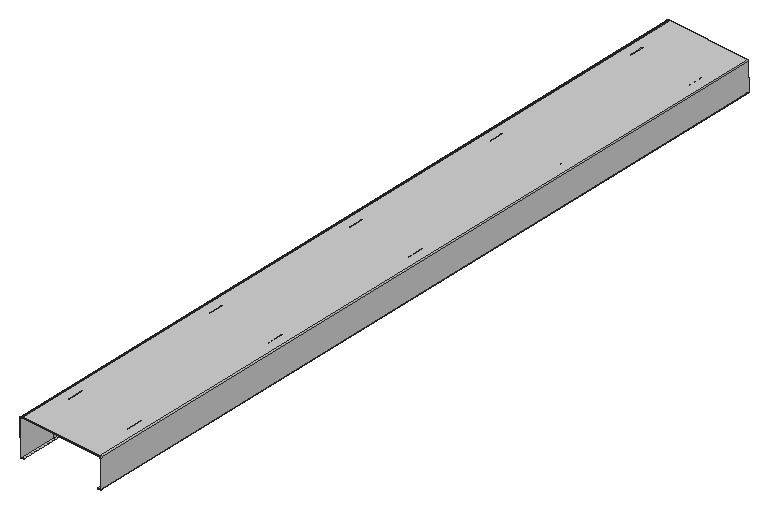
Revit family "20210728 AT150", category 一般モデル, Revit 2020
Family settings
  鉄筋をホスト可能 = いいえ
  丸型コネクタ寸法 = 直径を使用
  パーツ タイプ = 標準
  作業面ベース = いいえ
  常に垂直 = はい
  ロード時にボイドで切り取り = いいえ
  共有 = いいえ
  部屋計算ポイント = いいえ
Parameters (values of type "20210713 笠木150幅")
  色 = アルミ シルバー 陽極酸化塗装複合皮膜
  笠木長さ [instance] = 1500.00 mm
  既定の高さ = 0.00 mm
  定尺笠木長さ = 4000.00 mm
  固定金具数 [instance] = 5
  判定 [instance] = if(笠木長さ > 4000.00 mm, 定尺笠木長さ, 笠木長さ)  # 1500.00 mm
Types (2, lengths in mm): name | 笠木長さ | 固定金具数 | 判定
  20210713 笠木150幅 | 1500.00 | 5 | 1500.00
  笠木150幅 4000 | 4000.00 | 11 | 4000.00
Reference planes
  plane 1 "中心(正面/背面)": y = 0
  plane 2: z = 0
  plane 3 "中心(左/右)": x = 0
  plane 4: x = -75
  plane 5: x = 75
  plane 6: y = -100
  plane 7: y = -1500
  plane 8: y = -1400
Forms (mm)
  Extrusion 1, solid, material "アルミ シルバー 陽極酸化塗装複合皮膜" <- "色"
    sketch origin (-477.135, 0, -495.565) x (1, 0, 0) y (0, 0, 1)
      loop
        line (402.135, 520.455) -> (402.135, 453.165)
        arc (402.135, 453.165) -> (402.284, 452.809) -> (402.642, 452.665) r 0.5
        line (402.642, 452.665) -> (407.736, 452.665) -> (407.736, 454.165) -> (403.635, 454.165) -> (403.635, 518.998)
        arc (403.635, 518.998) -> (404.299, 520.487) -> (405.85, 520.987) r 2
        line (405.85, 520.987) -> (548.835, 506.689)
        arc (548.835, 506.689) -> (550.118, 506.04) -> (550.635, 504.698) r 2
        line (550.635, 504.698) -> (550.635, 454.165) -> (546.535, 454.165) -> (546.535, 452.665) -> (551.629, 452.665)
        arc (551.629, 452.665) -> (551.987, 452.809) -> (552.135, 453.165) r 0.5
        line (552.135, 453.165) -> (552.135, 505.855)
        arc (552.135, 505.855) -> (551.624, 507.191) -> (550.35, 507.843) r 2
        line (550.35, 507.843) -> (404.35, 522.443)
        arc (404.35, 522.443) -> (402.799, 521.943) -> (402.135, 520.455) r 2
    from 0 to 1500
Lines and regions (mm)
  reference lines
    curve 1: line (0.299, 0, 67.474) -> (0.291, 0, 66.169)
Dimensions and locks
  plane 5 to plane 3 "中心(左/右)" to plane 4 = 75.00 mm, 75.00 mm
  plane 5 to plane 4 = 150.00 mm
  "笠木長さ": plane 7 to plane 1 "中心(正面/背面)"
  locked: plane 6 to plane 1 "中心(正面/背面)" at 100
  locked: plane 8 to plane 7 at 100
  equal spacing: group 1, group 3, group 4, group 5, group 2  (x2)
  equal spacing: group 2, group 5, group 4, group 3, group 1
  "判定": plane 7 to plane 1 "中心(正面/背面)"
  aligned and locked: level to plane 2
  aligned and locked: Extrusion 1 to nested 1
  aligned and locked: plane 5 to Extrusion 1
  aligned and locked: Extrusion 1 to plane 4
  aligned and locked: Extrusion 1 to plane 7
  aligned and locked: nested 1 to plane 6
  aligned and locked: nested 2 to plane 8
Automatic sketch dimensions
  Extrusion 1 sketch curve to plane 4 = 0.00 mm
  Extrusion 1 sketch curve to plane 5 = 0.00 mm
  plane 4 to Extrusion 1 sketch curve = 0.50 mm
  Extrusion 1 sketch curve to Extrusion 1 sketch curve = 0.007 mm  (x2)
  Extrusion 1 sketch curve to Extrusion 1 sketch curve = 1.00 mm
  Extrusion 1 sketch curve to Extrusion 1 sketch curve = 0.50 mm  (x3)
  Extrusion 1 sketch curve to Extrusion 1 sketch curve = 0.215 mm
  Extrusion 1 sketch curve to Extrusion 1 sketch curve = 2.00 mm
  Extrusion 1 sketch curve to Extrusion 1 sketch curve = 1.714 mm
  Extrusion 1 sketch curve to Extrusion 1 sketch curve = 4.10 mm
  Extrusion 1 sketch curve to plane 5 = 5.60 mm
  Extrusion 1 sketch curve to plane 5 = 3.50 mm
  Extrusion 1 sketch curve to Extrusion 1 sketch curve = 1.50 mm  (x3)
  Extrusion 1 sketch curve to plane 5 = 1.785 mm
  Extrusion 1 sketch curve to plane 5 = 1.50 mm
  Extrusion 1 sketch curve to plane 5 = 0.507 mm
  Extrusion 1 sketch curve to level = 42.90 mm  (x2)
  level to Extrusion 1 sketch curve = 9.134 mm
  Extrusion 1 sketch curve to Extrusion 1 sketch curve = 1.157 mm
  Extrusion 1 sketch curve to Extrusion 1 sketch curve = 1.988 mm  (x2)
  level to Extrusion 1 sketch curve = 23.434 mm
  Extrusion 1 sketch curve to Extrusion 1 sketch curve = 1.457 mm
  Extrusion 1 sketch curve to Extrusion 1 sketch curve = 0.532 mm
  Extrusion 1 sketch curve to Extrusion 1 sketch curve = 1.301 mm
  Extrusion 1 sketch curve to Extrusion 1 sketch curve = 0.00 mm  (x11)
  plane 3 "中心(左/右)" to curve 1 = 0.291 mm
  level to curve 1 = 66.169 mm
  plane 3 "中心(左/右)" to curve 1 = 0.299 mm
  curve 1 to curve 1 = 1.306 mm
Nested families
  nested 1: "固定金具 150幅" at (0, -75, 0), type "固定金具 150幅"
  nested 2: "固定金具 150幅" at (0, -1375, 0), type "固定金具 150幅"
  nested 3: "固定金具 150幅" at (0, -400, 0), type "固定金具 150幅"
  nested 4: "固定金具 150幅" at (0, -725, 0), type "固定金具 150幅"
  nested 5: "固定金具 150幅" at (0, -1050, 0), type "固定金具 150幅"
Definition of nested family "固定金具 150幅"
  Parameters
    Default Elevation = 0.00 mm
  Reference planes
    plane 1 "中心(正面/背面)": y = 0
    plane 2: z = 0
    plane 3 "中心(左/右)": x = 0
    plane 4: y = -50
  Forms (mm)
    Extrusion 1, solid
      sketch origin (-413.446, 0, -486.467) x (1, 0, 0) y (0, 0, 1)
        loop
          arc (350.525, 501.803) -> (352.056, 504.347) -> (354.918, 505.135) r 4
          line (354.918, 505.135) -> (368.733, 503.497)
          arc (368.733, 503.497) -> (370.314, 502.677) -> (370.948, 501.013) r 2.5
          line (370.948, 501.013) -> (370.948, 486.467) -> (461.848, 486.467) -> (461.848, 491.994)
          arc (461.848, 491.994) -> (462.67, 493.847) -> (464.595, 494.482) r 2.5
          line (464.595, 494.482) -> (474.737, 493.476)
          arc (474.737, 493.476) -> (477.067, 492.424) -> (478.284, 490.177) r 4
          line (478.284, 490.177) -> (485.448, 447.662) -> (485.448, 445.067) -> (487.444, 445.067) -> (487.444, 452.09) -> (480.448, 496.327) -> (458.947, 498.459) -> (458.448, 496.43) -> (458.448, 492.247)
          arc (458.448, 492.247) -> (457.849, 490.82) -> (456.412, 490.247) r 2
          line (456.412, 490.247) -> (378.515, 490.397)
          arc (378.515, 490.397) -> (375.643, 491.545) -> (374.439, 494.397) r 4
          line (374.439, 494.397) -> (374.439, 502.503) -> (373.448, 506.463) -> (348.448, 509.427) -> (339.448, 450.066) -> (339.448, 445.067) -> (341.452, 445.067) -> (341.452, 446.091) -> (350.525, 501.803)
      from 0 to 50
    Extrusion 2, solid, not visible
      sketch origin (-313.825, 0, 0) x (1, 0, 0) y (0, 0, 1)
        loop
          arc (350.525, 501.803) -> (352.056, 504.347) -> (354.918, 505.135) r 4
          line (354.918, 505.135) -> (368.733, 503.497)
          arc (368.733, 503.497) -> (370.314, 502.677) -> (370.948, 501.013) r 2.5
          line (370.948, 501.013) -> (370.948, 486.467) -> (461.848, 486.467) -> (461.848, 491.994)
          arc (461.848, 491.994) -> (462.67, 493.847) -> (464.595, 494.482) r 2.5
          line (464.595, 494.482) -> (474.737, 493.476)
          arc (474.737, 493.476) -> (477.067, 492.424) -> (478.284, 490.177) r 4
          line (478.284, 490.177) -> (485.448, 447.662) -> (485.448, 445.067) -> (487.444, 445.067) -> (487.444, 452.09) -> (480.448, 496.327) -> (458.947, 498.459) -> (458.448, 496.43) -> (458.448, 492.247)
          arc (458.448, 492.247) -> (457.849, 490.82) -> (456.412, 490.247) r 2
          line (456.412, 490.247) -> (378.515, 490.397)
          arc (378.515, 490.397) -> (375.643, 491.545) -> (374.439, 494.397) r 4
          line (374.439, 494.397) -> (374.439, 502.503) -> (373.448, 506.463) -> (348.448, 509.427) -> (339.448, 450.066) -> (339.448, 445.067) -> (341.452, 445.067) -> (341.452, 446.091) -> (350.525, 501.803)
      from 0 to 50
  Lines and regions (mm)
    reference lines, not visible
      curve 1: line (141.33, 0, 1034.043) -> (141.33, 0, -365.957)
      curve 4: line (103.638, 0, 486.467) -> (103.638, -50, 486.467)
      curve 5: line (25.623, -25, 486.467) -> (173.62, -25, 486.467)
      curve 7: line (99.621, 0, 486.467) -> (99.621, 0, 490.33)
    reference lines
      curve 2: line (4.017, 0, 0) -> (4.017, -50, 0)
      curve 3: line (-73.998, -25, 0) -> (73.998, -25, 0)
      curve 6: line (0, 0, 0) -> (0, 0, 3.863)
  Dimensions and locks
    plane 4 to plane 1 "中心(正面/背面)" = 50.00 mm
    aligned and locked: level to plane 2
    aligned and locked: Extrusion 1 to plane 4
    aligned and locked: Extrusion 1 to level
    aligned and locked: plane 3 "中心(左/右)" to curve 6
